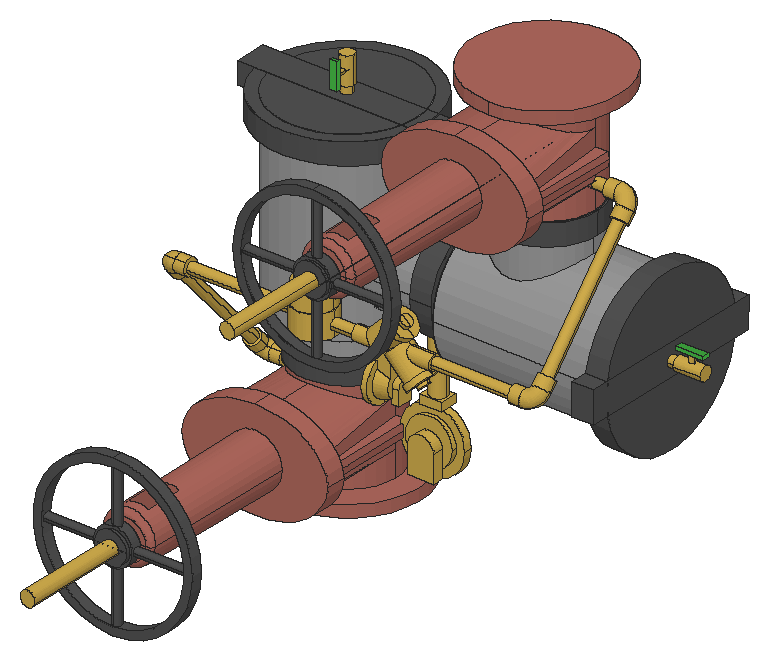
Revit family "Backflow_Preventer-RP-Zurn_Wilkins_Model_475STDAV_Flanged (4-10_inch)", category Pipe Accessories, Revit 2022 (continued)
Definition of nested family "Symbolic diagram 475DAOSY_F"
  Dimensions and locks (in)
    aligned and locked: curve 70 to plane 3 "Center (Left/Right)"
    aligned and locked: plane 36 to curve 70
    aligned and locked: curve 71 to plane 38
    aligned and locked: plane 3 "Center (Left/Right)" to curve 71
    aligned and locked: plane 20 to curve 74
    aligned and locked: plane 39 to curve 74
    aligned and locked: plane 39 to curve 75
    aligned and locked: curve 75 to plane 22
    aligned and locked: plane 1 "Center (Front/Back)" to curve 74
    aligned and locked: plane 1 "Center (Front/Back)" to curve 75
    aligned and locked: plane 37 to curve 78
    aligned and locked: curve 78 to plane 3 "Center (Left/Right)"
    aligned and locked: plane 40 to curve 78
    aligned and locked: plane 2 to plane 41
    aligned and locked: curve 79 to plane 42
    aligned and locked: plane 43 to curve 79
    aligned and locked: plane 14 to curve 79
    aligned and locked: plane 43 to curve 82
    aligned and locked: plane 45 to curve 82
    aligned and locked: plane 46 to curve 82
    aligned and locked: curve 83 to plane 42
    aligned and locked: plane 12 to curve 83
    aligned and locked: curve 84 to plane 44
    aligned and locked: plane 44 to curve 83
    aligned and locked: plane 46 to curve 84
    aligned and locked: plane 45 to curve 84
    aligned and locked: curve 91 to plane 47
    aligned and locked: plane 12 to curve 91
    aligned and locked: plane 44 to curve 91
    aligned and locked: plane 49 to curve 93
    aligned and locked: plane 17 to curve 94
    aligned and locked: plane 44 to curve 93
    aligned and locked: plane 48 to curve 92
    aligned and locked: plane 13 to curve 90
    aligned and locked: plane 49 to curve 88
    aligned and locked: plane 48 to curve 90
    aligned and locked: plane 43 to curve 89
    aligned and locked: plane 14 to curve 87
    aligned and locked: curve 87 to plane 47
    aligned and locked: plane 11 to curve 95
    aligned and locked: plane 10 to curve 95
    aligned and locked: plane 33 to curve 96
    aligned and locked: plane 32 to curve 96
    aligned and locked: plane 1 "Center (Front/Back)" to curve 95
    aligned and locked: curve 96 to plane 2
    aligned and locked: curve 98 to plane 52
    aligned and locked: plane 51 to curve 97
    aligned and locked: curve 100 to plane 54
    aligned and locked: curve 99 to plane 53
    aligned and locked: plane 55 to curve 105
    aligned and locked: plane 56 to curve 105
    aligned and locked: plane 55 to curve 106
    aligned and locked: plane 56 to curve 106
    aligned and locked: plane 57 to curve 105
    aligned and locked: plane 58 to curve 106
    aligned and locked: curve 126 to plane 52
    aligned and locked: plane 50 to curve 128
    aligned and locked: plane 52 to curve 129
    aligned and locked: curve 123 to plane 60
    aligned and locked: curve 122 to plane 59
    aligned and locked: curve 130 to plane 52
    aligned and locked: plane 54 to curve 130
    aligned and locked: plane 57 to curve 130
    aligned and locked: plane 58 to curve 126
    aligned and locked: plane 59 to curve 126
    aligned and locked: plane 61 to curve 127
    aligned and locked: plane 51 to curve 161
    aligned and locked: curve 162 to plane 62
    aligned and locked: curve 163 to plane 53
    aligned and locked: curve 167 to curve 37
    aligned and locked: curve 168 to curve 36
    aligned and locked: curve 170 to curve 56
    aligned and locked: curve 169 to curve 47
    aligned and locked: plane 57 to curve 135
    aligned and locked: plane 58 to curve 133
    aligned and locked: plane 6 "Back Plane" to curve 134
    aligned and locked: plane 59 to curve 137
    aligned and locked: plane 60 to curve 139
    aligned and locked: plane 6 "Back Plane" to curve 137
    aligned and locked: plane 6 "Back Plane" to curve 139
    aligned and locked: plane 55 to curve 100
    aligned and locked: plane 55 to curve 99
    aligned and locked: curve 100 to plane 56
    aligned and locked: curve 99 to plane 56
    aligned and locked: plane 6 "Back Plane" to curve 163
    aligned and locked: plane 6 "Back Plane" to curve 164
  Automatic sketch dimensions
    curve 8 to plane 16 = 0' - 0"
    curve 22 to plane 21 = 0' - 0"
    curve 80 to plane 13 = 0' - 0"
    curve 108 to plane 52 = 0' - 0"
    curve 113 to plane 61 = 0' - 0"
    curve 132 to plane 10 = 0' - 0"
    curve 132 to plane 61 = 0' - 0"
    curve 125 to plane 52 = 0' - 0"
    plane 17 to curve 86 = 0' - 0"
    plane 23 to curve 24 = 0' - 0"
    curve 85 to plane 42 = 0' - 0"
    curve 81 to plane 42 = 0' - 0"
    curve 167 to plane 11 = 0' - 0"
    curve 168 to plane 11 = 0' - 0"
    curve 128 to level = 0' - 0"
    curve 168 to plane 10 = 0' - 0"
    curve 167 to plane 10 = 0' - 0"
    curve 122 to plane 56 = 0' - 0"
    curve 123 to plane 56 = 0' - 0"
    curve 122 to plane 55 = 0' - 0"
    curve 123 to plane 55 = 0' - 0"
    curve 175 to plane 3 "Center (Left/Right)" = 0' - 0.05136"
    plane 12 to curve 174 = 0' - 0.03197"
    plane 58 to curve 112 = 0' - 0.09303"
    plane 58 to curve 110 = 0' - 0.09303"
    plane 59 to curve 109 = 0' - 0.06322"
    plane 59 to curve 111 = 0' - 0.06322"
    plane 44 to curve 121 = 0' - 0.19864"
    curve 120 to plane 60 = 0' - 0.28053"
    plane 10 to curve 110 = 0' - 0.71198"
    plane 8 "Top Plane" to curve 109 = 0' - 0.78802"
    plane 8 "Top Plane" to curve 121 = 0' - 0.62136"
    plane 8 "Top Plane" to curve 175 = 0' - 0.62136"
    plane 8 "Top Plane" to curve 120 = 0' - 0.28802"
    plane 8 "Top Plane" to curve 175 = 0' - 0.28802"
    plane 8 "Top Plane" to curve 194 = 0' - 0.19895"
    curve 119 to plane 8 "Top Plane" = 0' - 0.04531"
    curve 174 to plane 8 "Top Plane" = 0' - 0.04531"
    curve 103 to plane 24 = 0' - 0 3/16"
    curve 195 to plane 25 = 0' - 0.55105"
    plane 10 to curve 200 = 0' - 0.30984"
    curve 199 to plane 10 = 0' - 0.19016"
    curve 199 to plane 54 = 0' - 0.04061"
    curve 198 to plane 54 = 0' - 0.04061"
    curve 200 to plane 54 = 0' - 0.04061"
    plane 43 to curve 116 = 0' - 0.03197"
    plane 43 to curve 173 = 0' - 0.14225"
    plane 57 to curve 173 = 0' - 0.19977"
    plane 57 to curve 33 = 0' - 0.19666"
    curve 33 to plane 57 = 0' - 0.24256"
    curve 32 to plane 57 = 0' - 0.30334"
    plane 13 to curve 32 = 0' - 0.02381"
    curve 177 to plane 3 "Center (Left/Right)" = 0' - 0.31502"
    curve 176 to plane 55 = 0' - 0.14494"
    curve 176 to plane 3 "Center (Left/Right)" = 0' - 0.31502"
    curve 131 to plane 3 "Center (Left/Right)" = 0' - 0.31502"
    curve 113 to plane 3 "Center (Left/Right)" = 0' - 0.21803"
    plane 3 "Center (Left/Right)" to curve 115 = 0' - 0.33836"
    curve 115 to plane 12 = 0' - 0.11882"
    curve 114 to plane 12 = 0' - 0.07831"
    curve 176 to plane 12 = 0' - 0.02873"
    curve 131 to plane 12 = 0' - 0.02873"
    curve 177 to plane 12 = 0' - 0.02873"
    plane 12 to curve 114 = 0' - 0.21451"
    plane 12 to curve 172 = 0' - 0.2778"
    curve 114 to curve 172 = 0' - 0.3561"
    plane 59 to curve 118 = 0' - 0.06322"
    plane 59 to curve 197 = 0' - 0.12957"
    plane 59 to curve 196 = 0' - 0.12957"
    plane 59 to curve 171 = 0' - 0.12957"
    curve 179 to plane 55 = 0' - 0.14494"
    curve 179 to plane 22 = 0' - 0.37248"
    curve 178 to curve 179 = 0' - 0"
    curve 180 to plane 22 = 0' - 0.37248"
    curve 197 to plane 44 = 0' - 0.47811"
    curve 196 to plane 44 = 0' - 0.47811"
    curve 171 to plane 44 = 0' - 0.47811"
    plane 44 to curve 179 = 0' - 0.15877"
    plane 44 to curve 180 = 0' - 0.15877"
    plane 44 to curve 178 = 0' - 0.15877"
    plane 9 "Bottom Plane" to curve 32 = 0' - 0.40765"
    plane 9 "Bottom Plane" to curve 173 = 0' - 0.40765"
    plane 9 "Bottom Plane" to curve 33 = 0' - 0.40765"
    curve 33 to plane 30 = 0' - 0.38715"
    curve 32 to plane 30 = 0' - 0.38715"
    curve 173 to plane 30 = 0' - 0.38715"
    level to curve 171 = 0' - 0.40957"
    curve 198 to curve 199 = 0' - 0 1/2"  (x2)
    curve 171 to curve 196 = 0' - 0 1/2"
    curve 171 to plane 10 = 0' - 0.69016"
    curve 197 to plane 10 = 0' - 0.46543"
    curve 196 to plane 10 = 0' - 0.19016"
    plane 10 to curve 197 = 0' - 0.30984"
    curve 111 to curve 35 = 0' - 0.41302"
    curve 114 to curve 113 = 0' - 0.2926"
    curve 115 to curve 114 = 0' - 0"
    curve 172 to curve 114 = 0' - 0"
    curve 172 to curve 172 = 0' - 0.5507"
    curve 114 to curve 115 = 0' - 0.5507"
    curve 114 to curve 115 = 0' - 0"
    plane 8 "Top Plane" to curve 116 = 0' - 0.28802"
    plane 8 "Top Plane" to curve 118 = 0' - 0.28802"
    curve 101 to plane 56 = 0' - 0.45682"
    curve 103 to plane 56 = 0' - 0.45682"
    plane 52 to curve 179 = 0' - 0.28107"
    plane 52 to curve 176 = 0' - 0.28107"
    curve 131 to plane 24 = 0' - 0.162"
    curve 178 to plane 24 = 0' - 0.162"
    curve 177 to plane 55 = 0' - 0.09393"
    curve 180 to plane 55 = 0' - 0.09393"
    plane 55 to curve 131 = 0' - 0.2245"
    plane 55 to curve 178 = 0' - 0.2245"
    curve 178 to curve 180 = 0' - 0.38057"
    curve 131 to curve 177 = 0' - 0.38057"
    curve 125 to plane 25 = 0' - 0 1/4"
    curve 108 to plane 25 = 0' - 0 1/4"
    curve 200 to plane 20 = 0' - 0.65168"
    curve 198 to plane 20 = 0' - 0.65168"
    curve 199 to curve 198 = 0' - 0"
    level to curve 198 = 0' - 0.40957"
    curve 200 to plane 10 = 0' - 0.46543"
    curve 200 to curve 34 = 0' - 0.81516"
    curve 60 to plane 21 = 0' - 0"
    curve 203 to plane 54 = 0' - 0"
    curve 184 to plane 12 = 0' - 0"
    curve 154 to plane 61 = 0' - 0"
    curve 146 to plane 61 = 0' - 0"
    curve 145 to plane 61 = 0' - 0"
    curve 160 to plane 50 = 0' - 0"
    curve 64 to plane 23 = 0' - 0"
    curve 89 to plane 47 = 0' - 0"
    curve 93 to plane 47 = 0' - 0"
    curve 169 to plane 33 = 0' - 0"
    curve 170 to plane 33 = 0' - 0"
    curve 170 to plane 32 = 0' - 0"
    curve 169 to plane 32 = 0' - 0"
    curve 135 to plane 6 "Back Plane" = 0' - 0"
    curve 160 to plane 62 = 0' - 0"
    curve 136 to plane 62 = 0' - 0"
    curve 140 to plane 62 = 0' - 0"
    plane 6 "Back Plane" to curve 204 = 0' - 0.20673"
    curve 204 to plane 20 = 0' - 0 19/32"
    curve 202 to plane 62 = 0' - 0.26258"
    curve 202 to plane 20 = 0' - 0 9/16"
    plane 20 to curve 201 = 0' - 0 5/32"
    plane 58 to curve 184 = 0' - 0.29167"
    plane 58 to curve 141 = 0' - 0.09303"
    plane 58 to curve 144 = 0' - 0.09303"
    plane 59 to curve 144 = 0' - 0.06322"
    plane 59 to curve 143 = 0' - 0.06322"
    plane 44 to curve 156 = 0' - 0.19864"
    curve 157 to plane 60 = 0' - 0.28053"
    plane 32 to curve 142 = 0' - 0.33333"
    curve 142 to plane 6 "Back Plane" = 0' - 1.16667"
    curve 182 to plane 6 "Back Plane" = 0' - 1"
    curve 156 to plane 6 "Back Plane" = 0' - 1"
    curve 158 to plane 6 "Back Plane" = 0' - 0.66667"
    curve 141 to curve 183 = 0' - 0 1/2"
    curve 184 to plane 6 "Back Plane" = 0' - 0.33333"
    curve 158 to plane 6 "Back Plane" = 0' - 0.33333"
    curve 201 to plane 34 = 0' - 0 3/16"
    plane 34 to curve 203 = 0' - 0.23077"
    plane 34 to curve 135 = 0' - 0 7/16"
    plane 34 to curve 163 = 0' - 0 7/16"
    plane 34 to curve 137 = 0' - 0.49018"
    curve 76 to plane 32 = 0' - 0.32494"
    curve 76 to plane 20 = 0' - 0.69317"
    plane 32 to curve 77 = 0' - 0.10038"
    curve 76 to curve 77 = 0' - 0.12538"
    curve 190 to curve 77 = 0' - 0"
    curve 76 to plane 54 = 0' - 0.37009"
    curve 77 to plane 54 = 0' - 0.24471"
    curve 190 to plane 54 = 0' - 0.24471"
    curve 189 to plane 43 = 0' - 0.11921"
    plane 43 to curve 189 = 0' - 0.32546"
    plane 43 to curve 73 = 0' - 0.38079"
    curve 73 to plane 57 = 0' - 0.04421"
    curve 181 to plane 57 = 0' - 0.05208"
    curve 72 to plane 57 = 0' - 0.09954"
    curve 72 to plane 13 = 0' - 0.17454"
    plane 13 to curve 151 = 0' - 0.31713"
    plane 13 to curve 152 = 0' - 0.31713"
    plane 13 to curve 153 = 0' - 0.31713"
    curve 146 to plane 3 "Center (Left/Right)" = 0' - 0.21803"
    plane 3 "Center (Left/Right)" to curve 149 = 0' - 0.2025"
    plane 3 "Center (Left/Right)" to curve 150 = 0' - 0 13/64"
    curve 149 to plane 12 = 0' - 0.25106"
    curve 148 to plane 12 = 0' - 0.0475"
    plane 12 to curve 153 = 0' - 0.08912"
    curve 152 to plane 34 = 0' - 0.03974"
    plane 12 to curve 152 = 0' - 0.08912"
    plane 12 to curve 151 = 0' - 0.08912"
    plane 12 to curve 148 = 0' - 0.24894"
    plane 39 to curve 147 = 0' - 0.1841"
    plane 12 to curve 147 = 0' - 0.4525"
    plane 58 to curve 147 = 0' - 0.37606"
    plane 59 to curve 155 = 0' - 0.06322"
    plane 59 to curve 191 = 0' - 0.08808"
    plane 59 to curve 193 = 0' - 0.21346"
    plane 32 to curve 192 = 0' - 0.10038"
    plane 59 to curve 192 = 0' - 0.21346"
    curve 188 to plane 22 = 0' - 0.25463"
    curve 187 to plane 22 = 0' - 0.25463"
    curve 186 to plane 22 = 0' - 0.25463"
    curve 191 to plane 22 = 0' - 0.44241"
    curve 193 to plane 32 = 0' - 0.13915"
    curve 193 to plane 22 = 0' - 0.56779"
    curve 191 to curve 192 = 0' - 0.12538"
    curve 185 to plane 44 = 0' - 0 23/64"
    curve 187 to plane 34 = 0' - 0.03974"
    plane 44 to curve 187 = 0' - 0.27662"
    plane 44 to curve 186 = 0' - 0.27662"
    plane 44 to curve 188 = 0' - 0.27662"
    plane 7 "Front Plane" to curve 73 = 0' - 0.47385"
    plane 7 "Front Plane" to curve 189 = 0' - 0.47385"
    plane 7 "Front Plane" to curve 72 = 0' - 0.47385"
    curve 189 to plane 38 = 0' - 0.54248"
    curve 72 to plane 38 = 0' - 0.54248"
    curve 73 to curve 72 = 0' - 0"
    curve 76 to plane 1 "Center (Front/Back)" = 0' - 0.7758"
    curve 191 to plane 1 "Center (Front/Back)" = 0' - 0.7758"
    curve 191 to curve 192 = 0' - 0.42533"
    curve 76 to curve 77 = 0' - 0.42533"
    curve 154 to plane 32 = 0' - 0.33333"
    curve 191 to plane 32 = 0' - 0.32494"
    curve 190 to plane 32 = 0' - 0.13915"
    curve 190 to plane 39 = 0' - 0.48989"
    curve 142 to curve 193 = 0' - 0.30177"
    plane 39 to curve 149 = 0' - 0.1841"
    plane 39 to curve 148 = 0' - 0.1841"
    curve 148 to curve 149 = 0' - 0.69839"
    curve 149 to curve 148 = 0' - 0"
    curve 148 to curve 147 = 0' - 0"
    curve 181 to curve 182 = 0' - 0.33333"
    curve 155 to curve 156 = 0' - 0.33333"
    curve 201 to plane 62 = 0' - 0 5/8"
    curve 165 to plane 62 = 0' - 0 5/8"
    plane 62 to curve 186 = 0' - 0.27276"
    plane 62 to curve 151 = 0' - 0.27276"
    plane 34 to curve 151 = 0' - 0.25526"
    plane 34 to curve 186 = 0' - 0.25526"
    plane 34 to curve 133 = 0' - 0 7/16"
    plane 34 to curve 139 = 0' - 0 7/16"
    plane 34 to curve 188 = 0' - 0.46026"
    plane 34 to curve 153 = 0' - 0.46026"
    curve 151 to curve 152 = 0' - 0 1/2"
    curve 186 to curve 187 = 0' - 0 1/2"
    curve 150 to plane 35 = 0' - 0.26586"
    curve 185 to plane 35 = 0' - 0.23952"
    curve 153 to plane 35 = 0' - 0.18224"
    curve 188 to plane 35 = 0' - 0.18224"
Types (5): name | Symbol | Relief valve | Rated Flow | Product Weight (lbs) | Product Installation Sheet URL | Pressure Loss at Rated Flow | Nominal Radius | Nominal Diameter | Main Valve | Inlet to relief valve center | Gate Valve | Fitting Length | Fitting Height | Fitting Bottom end | DIM E - Valve top to bottom of relief valve | DIM D - Valve center to side coupling end | DIM C - Valve center to gate stem top | DIM B - Overall height of the valve | DIM A - Inlet center to outlet center | DA MR Length | DA MR Height | Center to top of ball on top | Center to main valve center | Center to bottom coupling | Bottom Coupling to gate end
  (no name) | Symbolic diagram 475DAOSY_F : 8" | Zurn_Wilkins-Model-3707-CU-XL : 8" | 1600 GPM | 594 | "https://files.zurn.com/care-cleaning-install-warranty-sheets/is475st-8.pdf" | 13.70 psi | 0' - 4" | 0' - 8" | Zurn_Wilkins_Model_450ST-(4_Inch) : 8" | 0' - 8 15/32" | Gate Valve_475_OSY : 8" | 2' - 6" | 1' - 4 1/2" | 2' - 0" | 2' - 10 7/8" | 1' - 0 7/8" | 3' - 1" | 3' - 4 1/4" | 1' - 6 1/2" | 2' - 11 1/2" | 1' - 2" | 1' - 3" | 0' - 1 9/16" | 0' - 9" | 0' - 10.85"
  4-475STDAV (4" 475STDAV) | Symbolic diagram 475DAOSY_F : 4" | Zurn_Wilkins-Model-3707-CU-XL : 4" | 500 GPM | 215 | "https://files.zurn.com/care-cleaning-install-warranty-sheets/is475st.pdf" | 11.20 psi | 0' - 2" | 0' - 4" | Zurn_Wilkins_Model_450ST-(4_Inch) : 4 inch | 0' - 5 31/32" | Gate Valve_475_OSY : 4" | 1' - 9" | 1' - 0 1/2" | 1' - 4" | 1' - 10 1/4" | 0' - 10 1/8" | 1' - 10 1/2" | 2' - 5 7/8" | 1' - 2" | 2' - 2 1/2" | 0' - 11" | 0' - 7 1/4" | 0' - 0" | 0' - 6" | 0' - 9"
  6-475STDAV (6" 475STDAV) | Symbolic diagram 475DAOSY_F : 6" | Zurn_Wilkins-Model-3707-CU-XL : 6" | 1000 GPM | 343 | "https://files.zurn.com/care-cleaning-install-warranty-sheets/is475st.pdf" | 10.00 psi | 0' - 3" | 0' - 6" | Zurn_Wilkins_Model_450ST-(4_Inch) : 6" | 0' - 6 31/32" | Gate Valve_475_OSY : 6" | 2' - 0" | 1' - 1 1/4" | 1' - 8" | 2' - 3 7/8" | 0' - 10 5/8" | 2' - 6 1/2" | 3' - 0 1/4" | 1' - 4" | 2' - 5 1/2" | 0' - 11 1/2" | 0' - 9 5/8" | 0' - 1 9/16" | 0' - 7 3/4" | 0' - 10 1/2"
  8-475STDAV (8" 475STDAV) | Symbolic diagram 475DAOSY_F : 8" | Zurn_Wilkins-Model-3707-CU-XL : 8" | 1600 GPM | 594 | "https://files.zurn.com/care-cleaning-install-warranty-sheets/is475st-8.pdf" | 13.70 psi | 0' - 4" | 0' - 8" | Zurn_Wilkins_Model_450ST-(4_Inch) : 8" | 0' - 8 15/32" | Gate Valve_475_OSY : 8" | 2' - 6" | 1' - 4 1/2" | 2' - 0" | 2' - 10 7/8" | 1' - 0 7/8" | 3' - 1" | 3' - 4 1/4" | 1' - 6 1/2" | 2' - 11 1/2" | 1' - 2" | 1' - 3" | 0' - 1 9/16" | 0' - 9" | 0' - 10.85"
  10-475STDAV (10" 475STDAV) | Symbolic diagram 475DAOSY_F : 10" | Zurn_Wilkins-Model-3707-CU-XL : 10 | 2300 GPM | 837 | "https://files.zurn.com/care-cleaning-install-warranty-sheets/is475st-8.pdf" | 14.00 psi | 0' - 5" | 0' - 10" | Zurn_Wilkins_Model_450ST-(4_Inch) : 10" | 0' - 10 7/32" | Gate Valve_475_OSY : 10" | 2' - 9" | 1' - 5" | 2' - 0" | 3' - 2 3/4" | 1' - 0 7/8" | 3' - 9 5/8" | 3' - 9 7/8" | 1' - 9" | 3' - 2 1/2" | 1' - 2" | 1' - 3 3/4" | 0' - 1 9/16" | 0' - 10" | 1' - 1"
